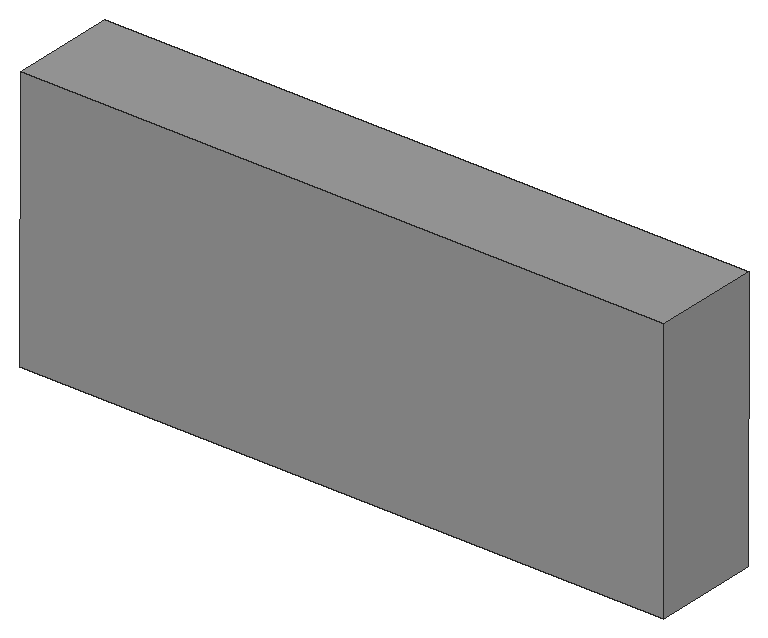
Revit family "figlio1", category Generic Models, Revit 2019
Family settings
  Can host rebar = No
  Round Connector Dimension = Use Diameter
  Part Type = Normal
  Cut with Voids When Loaded = No
  Shared = No
  Room Calculation Point = No
Parameters
  legno = Default Wall(1)
  b = 20 cm
  h = 50 cm
  h/2 = h / 2  # 25 cm
  b/2 = b / 2  # 10 cm
  built-in parameter 1001306 [instance] = 121.92 cm
Reference planes (cm)
  plane 1 "Center (Front/Back)": y = 0
  plane 2: z = 0
  plane 3 "Left": x = 0
  plane 4 "Right": x = 121.92
  plane 5: y = -10
  plane 6: z = 25
  plane 7: y = 10
  plane 8: z = -25
Forms (cm)
  Extrusion 1, solid, material "Default Wall(1)" <- "legno"
    sketch origin (0, 0, 0) x (0, 1, 0) y (0, 0, 1)
      loop
        line (10, 25) -> (-10, 25) -> (-10, -25) -> (10, -25) -> (10, 25)
    from 0 to 121.92
Lines and regions (cm)
  reference lines
    curve 1: line (0, 0, 0) -> (121.92, 0, 0)
Dimensions and locks (cm)
  "built-in parameter 1001306": plane 3 "Left" to plane 4 "Right"
  "h/2": plane 6 to level
  "b/2": plane 1 "Center (Front/Back)" to plane 5
  "b/2": plane 7 to plane 1 "Center (Front/Back)"
  "h/2": level to plane 8
  aligned and locked: plane 4 "Right" to curve 1
  aligned and locked: plane 1 "Center (Front/Back)" to curve 1
  aligned and locked: plane 3 "Left" to curve 1
  aligned and locked: level to plane 2
  aligned and locked: plane 6 to Extrusion 1
  aligned and locked: plane 5 to Extrusion 1
  aligned and locked: plane 4 "Right" to Extrusion 1
  aligned and locked: Extrusion 1 to plane 7
  aligned and locked: Extrusion 1 to plane 8
Automatic sketch dimensions
  plane 5 to Extrusion 1 sketch curve = 0 cm
  Extrusion 1 sketch curve to plane 1 "Center (Front/Back)" = 10 cm
  Extrusion 1 sketch curve to level = 25 cm
  plane 6 to Extrusion 1 sketch curve = 0 cm
